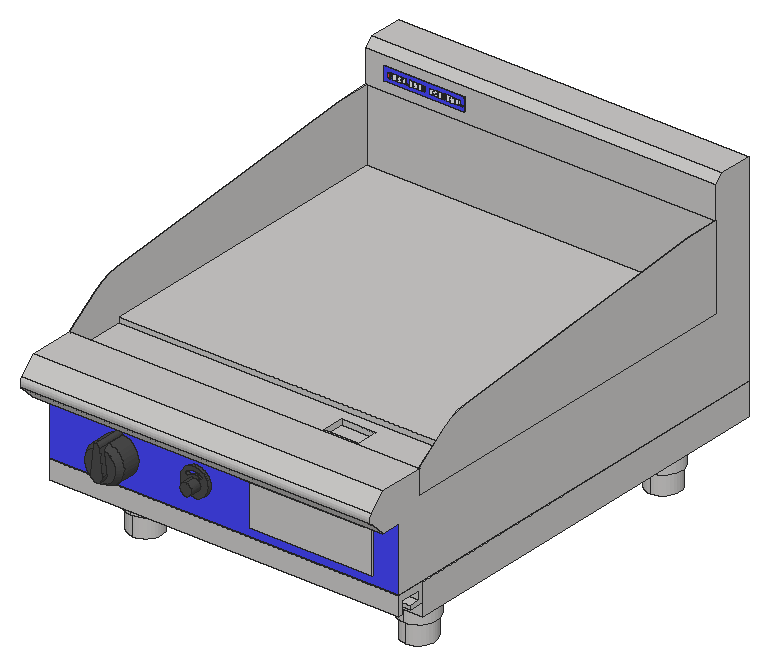
Revit family "QF_MOFFAT_BLUESEAL_CE_GP514-B", category Specialty Equipment, Revit 2012
Parameters
  Width = 600 mm
  Weight in Pounds = 238  # constant formula
  URL Cutsheet = "www.moffat.com"
  URL = "www.moffat.com"
  Type Mark [instance] = ""
  Status [instance] = ""
  Specification by User [instance] = ""
  Specification by Manufacturer = ""
  Show Logo [instance] = yes
  Serial Number = ""
  Seismic Rating = ""
  SMACNA No = ""
  Revision Code [instance] = ""
  Omniclass Number and Title = ""
  NAFEM Spec ID Number = ""
  Model = "GP514-B"
  Mechanical Remarks = ""
  Mechanical Connection Type = ""
  Masterspec = ""
  Manufacturer = "MOFFAT BLUESEAL"
  Keynote = ""
  Item Number [instance] = ""
  Installed By [instance] = ""
  Identify Quantity as Lot [instance] = yes
  Gas Size = 3/4"
  Gas RI Height [instance] = 0 mm
  Gas KW = 14.9
  Gas Input = 50234.0 Btu/h
  Gas Connection Height = 0 mm
  Furnished By [instance] = ""
  Foodservice Equipment Identifier [instance] = yes
  Description = "600MM GAS GRIDDLE PLATE BENCH MOUNT"
  Depth = 812 mm
  CSI MasterFormat = ""
  CSI Master Format = ""
  Base Height [instance] = 85 mm  # constant formula
Reference planes
  plane 1 "BACK": y = 0
  plane 2: z = 0
  plane 3 "LEFT": x = 0
  plane 4 "RIGHT": x = 600
  plane 5 "FRONT": y = -812
  plane 6 "TOP": z = 370
  plane 7 "Center Y": x = 300
  plane 8 "Center X": y = -406
  plane 9 "Base Height": z = 85
  plane 10: z = 110
  plane 11: y = -31
  plane 12: z = 485
  plane 13: y = -100
  plane 14: y = -625
  plane 15: x = 65.5
Forms (mm)
  Extrusion 1, solid, material "QF_Finishes_Stainless Steel"
    sketch origin (0, 0, 0) x (0, 1, 0) y (0, 0, 1)
      loop
        line (-749, 250) -> (-749, 140) -> (0, 140) -> (0, 485) -> (-57.5, 485) -> (-70, 472.5) -> (-70, 275) -> (-705, 275) -> (-705, 315) -> (-783.97, 315) -> (-808.485, 290.485)
        arc (-808.485, 290.485) -> (-811.999, 282) -> (-808.485, 273.515) r 12
        line (-808.485, 273.515) -> (-784.97, 250) -> (-749, 250)
      loop
        line (0, 85) -> (0, 139.206) -> (-699, 139.206) -> (-699, 85) -> (0, 85)
      loop
        line (-749, 139.206) -> (-749, 107.019) -> (-742.6, 107.019) -> (-742.6, 127.806) -> (-706.181, 127.806) -> (-706.181, 113.419) -> (-724.781, 113.419) -> (-724.781, 107.019) -> (-699.806, 107.019) -> (-699.806, 139.206) -> (-749, 139.206)
    from 0 to 600
  Revolve 2, solid, material "QF_Finishes_Stainless Steel"
    sketch origin (65.5, -728, 0) x (0, 1, 0) y (0, 0, 1)
      loop
        line (71.25, 85) -> (71.25, 35) -> (75.5, 35) -> (75.5, 0) -> (103, 0) -> (103, 85) -> (71.25, 85)
      axis (103, 85) -> (103, 0)
    angle from 0 to 360
  Revolve 3, solid, material "QF_Finishes_Stainless Steel"
    sketch origin (65.5, -211, 0) x (0, 1, 0) y (0, 0, 1)
      loop
        line (79.25, 85) -> (79.25, 35) -> (83.5, 35) -> (83.5, 0) -> (111, 0) -> (111, 85) -> (79.25, 85)
      axis (111, 85) -> (111, 0)
    angle from 0 to 360
  Revolve 4, solid, material "QF_Finishes_Black"
    sketch origin (127.768, 0, 22.808) x (0, -1, 0) y (0, 0, -1)
      loop
        line (789, -204.605) -> (800, -198.757) -> (800, -172.105) -> (749, -172.105) -> (749, -177.105) -> (759, -177.105) -> (759, -204.605) -> (789, -204.605)
      axis (800, -172.105) -> (749, -172.105)
    angle from 0 to 360
  Extrusion 5, solid, material "QF_Finishes_Black"
    sketch origin (118.701, 0, -79.102) x (-1, 0, 0) y (0, 0, -1)
      loop
        line (-19.488, -263.597) -> (-14.068, -306.515)
        arc (-14.068, -306.515) -> (-9.069, -311.402) -> (-4.07, -306.515) r 5
        line (-4.07, -306.515) -> (1.418, -262.43)
        arc (1.418, -262.43) -> (-9.653, -251.931) -> (-19.488, -263.597) r 10.487
    from 759 to 808
  Extrusion 6, solid, material "QF_Finishes_Stainless Steel"
    sketch origin (0, 0, 85) x (-1, 0, 0) y (0, 1, 0)
      loop
        circle (-470, -32) r 9.525
    from 0 to 15
  Revolve 7, solid, material "QF_Finishes_Stainless Steel"
    sketch origin (534.5, -728, 0) x (0, 1, 0) y (0, 0, -1)
      loop
        line (71.25, -85) -> (103, -85) -> (103, 0) -> (75.5, 0) -> (75.5, -35) -> (71.25, -35) -> (71.25, -85)
      axis (103, -85) -> (103, 0)
    angle from 0 to 360
  Revolve 8, solid, material "QF_Finishes_Stainless Steel"
    sketch origin (534.5, -211, 0) x (0, 1, 0) y (0, 0, -1)
      loop
        line (79.25, -85) -> (111, -85) -> (111, 0) -> (83.5, 0) -> (83.5, -35) -> (79.25, -35) -> (79.25, -85)
      axis (111, -85) -> (111, 0)
    angle from 0 to 360
  Extrusion 9, solid, material "QF_Finishes_Black"
    sketch origin (-57.5, -749, 264.021) x (0, 0, -1) y (1, 0, 0)
      loop
        circle (70, 310) r 24
      loop
        arc (60.1, 324.896) -> (52.078, 310.125) -> (59.882, 295.237) r 17.853
        arc (59.882, 295.237) -> (60.368, 294.997) -> (60.877, 295.182) r 0.689
        arc (60.877, 295.182) -> (62.232, 297.533) -> (62.658, 300.213) r 7.474
        arc (62.658, 300.213) -> (62.48, 301.239) -> (62.006, 302.166) r 3.462
        arc (62.006, 302.166) -> (59.591, 309.854) -> (61.844, 317.591) r 13.91
        arc (61.844, 317.591) -> (62.579, 319.157) -> (62.749, 320.878) r 5.108
        arc (62.749, 320.878) -> (62.234, 322.956) -> (61.084, 324.76) r 6.626
        arc (61.084, 324.76) -> (60.611, 324.967) -> (60.1, 324.896) r 0.947
    from 0 to 5
  Extrusion 10, solid, material "QF_Finishes_Black"
    sketch origin (-57.5, -754, 264.021) x (0, 0, -1) y (1, 0, 0)
      loop
        circle (73.5, 310) r 10.124
    from 0 to 18.251
  Extrusion 11, solid, material "QF_Finishes_Stainless Steel"
    sketch origin (450, -749, 267.771) x (0, 0, -1) y (1, 0, 0)
      loop
        line (26.5, -105) -> (113.5, -105) -> (113.5, 105) -> (26.5, 105) -> (26.5, -105)
    from 0 to 2.5
  Extrusion 12, solid, material "QF_Finishes_Stainless Steel"
    sketch origin (450, 0, -598.229) x (0, -1, 0) y (0, 0, 1)
      loop
        line (751.5, 839.5) -> (751.5, 837) -> (769.695, 837) -> (769.695, 839.5) -> (751.5, 839.5)
    from -105 to 105
Cuts and joins
  joined: Revolve 4, Extrusion 5
Lines and regions (mm)
  Split face 1
    outline origin (0, -56.5, 485) x (0, 1, 0) y (-1, 0, 0)
      loop
        arc (11.115, -264.794) -> (16.115, -273.455) -> (26.115, -273.455) r 10
        line (26.115, -273.455) -> (33.115, -269.413)
        arc (33.115, -269.413) -> (36.775, -265.753) -> (38.115, -260.753) r 10
        line (38.115, -260.753) -> (38.115, -32.794)
        arc (38.115, -32.794) -> (33.115, -24.134) -> (23.115, -24.134) r 10
        line (23.115, -24.134) -> (16.115, -28.176)
        arc (16.115, -28.176) -> (12.455, -31.836) -> (11.115, -36.836) r 10
        line (11.115, -36.836) -> (11.115, -264.794)
  Split face 2
    outline origin (0, -56.5, 485) x (0, 1, 0) y (-1, 0, 0)
      loop
        arc (11.115, -564.794) -> (16.115, -573.455) -> (26.115, -573.455) r 10
        line (26.115, -573.455) -> (33.115, -569.413)
        arc (33.115, -569.413) -> (36.775, -565.753) -> (38.115, -560.753) r 10
        line (38.115, -560.753) -> (38.115, -332.794)
        arc (38.115, -332.794) -> (33.115, -324.134) -> (23.115, -324.134) r 10
        line (23.115, -324.134) -> (16.115, -328.176)
        arc (16.115, -328.176) -> (12.455, -331.836) -> (11.115, -336.836) r 10
        line (11.115, -336.836) -> (11.115, -564.794)
  symbolic lines
    curve 1: line (0, 0, 0) -> (0, -812, 0)
    curve 2: line (600, 0, 0) -> (0, 0, 0)
    curve 3: line (600, -812, 0) -> (600, 0, 0)
    curve 4: line (0, -70, 0) -> (600, -70, 0)
    curve 5: line (0, -812, 0) -> (600, -812, 0)
    curve 6: line (600, -705, 0) -> (0, -705, 0)
    curve 7: line (0, -783.97, 0) -> (600, -783.97, 0)
    curve 8: line (0, -57.5, 0) -> (600, -57.5, 0)
    curve 9: line (2, -705, 0) -> (2, -70, 0)
    curve 10: line (598, -70, 0) -> (598, -705, 0)
    curve 11: line (260.753, -18.385, 0) -> (32.794, -18.385, 0)
    curve 12: arc (32.794, -18.385, 0) -> (24.134, -23.385, 0) -> (24.134, -33.385, 0) r 10
    curve 13: line (24.134, -33.385, 0) -> (28.176, -40.385, 0)
    curve 14: arc (28.176, -40.385, 0) -> (31.836, -44.045, 0) -> (36.836, -45.385, 0) r 10
    curve 15: line (36.836, -45.385, 0) -> (264.794, -45.385, 0)
    curve 16: arc (264.794, -45.385, 0) -> (273.455, -40.385, 0) -> (273.455, -30.385, 0) r 10
    curve 17: line (273.455, -30.385, 0) -> (269.413, -23.385, 0)
    curve 18: arc (269.413, -23.385, 0) -> (265.753, -19.725, 0) -> (260.753, -18.385, 0) r 10
    curve 19: line (332.794, -18.385, 0) -> (560.753, -18.385, 0)
    curve 20: arc (560.753, -18.385, 0) -> (565.753, -19.725, 0) -> (569.413, -23.385, 0) r 10
    curve 21: line (569.413, -23.385, 0) -> (573.455, -30.385, 0)
    curve 22: arc (573.455, -30.385, 0) -> (573.455, -40.385, 0) -> (564.794, -45.385, 0) r 10
    curve 23: line (564.794, -45.385, 0) -> (336.836, -45.385, 0)
    curve 24: arc (336.836, -45.385, 0) -> (331.836, -44.045, 0) -> (328.176, -40.385, 0) r 10
    curve 25: line (328.176, -40.385, 0) -> (324.134, -33.385, 0)
    curve 26: arc (324.134, -33.385, 0) -> (324.134, -23.385, 0) -> (332.794, -18.385, 0) r 10
Dimensions and locks
  equal spacing: plane 3 "LEFT", plane 7 "Center Y", plane 4 "RIGHT"
  "Width": plane 3 "LEFT" to plane 4 "RIGHT"
  equal spacing: plane 5 "FRONT", plane 8 "Center X", plane 1 "BACK"
  "Depth": plane 5 "FRONT" to plane 1 "BACK"
  equal spacing: plane 4 "RIGHT", plane 7 "Center Y", plane 3 "LEFT"
  plane 4 "RIGHT" to plane 3 "LEFT" = 600 mm
  plane 5 "FRONT" to plane 1 "BACK" = 812 mm
  "Base Height": plane 9 "Base Height" to level
  Revolve 4 sketch curve to Revolve 4 sketch curve to Revolve 4 sketch curve to Revolve 4 sketch curve = 5.849 mm locked, 21.651 mm locked, 5 mm locked
  plane 10 to level = 110 mm
  plane 11 to plane 1 "BACK" = 31 mm
  locked: plane 12 to plane 9 "Base Height" at 400
  plane 14 to plane 13 = 525 mm
  Extrusion 6 sketch curve to plane 4 "RIGHT" = 130 mm
  aligned and locked: level to plane 2
  aligned and locked: curve 3 to plane 4 "RIGHT"
  aligned and locked: Revolve 4 sketch curve to Extrusion 1
  aligned and locked: Extrusion 1 sketch curve to plane 12
Automatic sketch dimensions
  Extrusion 1 sketch curve to plane 9 "Base Height" = 0 mm
  Extrusion 1 sketch curve to plane 1 "BACK" = 0 mm  (x2)
  Extrusion 1 sketch curve to plane 11 = 26.5 mm
  Extrusion 1 sketch curve to Extrusion 1 sketch curve = 12.5 mm
  plane 10 to Extrusion 1 sketch curve = 29.206 mm
  Extrusion 1 sketch curve to plane 14 = 74 mm
  Extrusion 1 sketch curve to plane 10 = 2.981 mm  (x2)
  Extrusion 1 sketch curve to Extrusion 1 sketch curve = 0.806 mm
  Extrusion 1 sketch curve to plane 14 = 80 mm
  Extrusion 1 sketch curve to Extrusion 1 sketch curve = 6.376 mm
  Extrusion 1 sketch curve to Extrusion 1 sketch curve = 18.6 mm
  Extrusion 1 sketch curve to Extrusion 1 sketch curve = 17.819 mm
  Extrusion 1 sketch curve to Extrusion 1 sketch curve = 6.4 mm
  Extrusion 1 sketch curve to Extrusion 1 sketch curve = 0 mm  (x2)
  Extrusion 1 sketch curve to plane 5 "FRONT" = 28.03 mm
  Extrusion 1 sketch curve to plane 5 "FRONT" = 27.03 mm
  Extrusion 1 sketch curve to plane 5 "FRONT" = 12.001 mm
  Extrusion 1 sketch curve to plane 5 "FRONT" = 3.515 mm  (x2)
  plane 10 to Extrusion 1 sketch curve = 3.419 mm
  plane 10 to Extrusion 1 sketch curve = 17.806 mm
  Extrusion 1 sketch curve to Extrusion 1 sketch curve = 0.794 mm
  Extrusion 1 sketch curve to Extrusion 1 sketch curve = 110 mm
  Extrusion 1 sketch curve to Extrusion 1 sketch curve = 23.515 mm
  Extrusion 1 sketch curve to plane 6 "TOP" = 95 mm
  Extrusion 1 sketch curve to Extrusion 1 sketch curve = 8.485 mm
  Extrusion 1 sketch curve to Extrusion 1 sketch curve = 24.515 mm
  Extrusion 1 sketch curve to plane 12 = 12.5 mm
  Revolve 2 sketch curve to plane 9 "Base Height" = 0 mm
  Revolve 2 sketch curve to level = 0 mm
  Revolve 2 sketch curve to plane 14 = 0 mm  (x2)
  Revolve 2 sketch curve to Revolve 2 sketch curve = 27.5 mm
  Revolve 2 sketch curve to Revolve 2 sketch curve = 31.75 mm
  Revolve 2 sketch curve to Revolve 2 sketch curve = 55 mm
  level to Revolve 2 sketch curve = 35 mm
  Revolve 2 sketch curve to Revolve 2 sketch curve = 30 mm
  Revolve 3 sketch curve to plane 9 "Base Height" = 0 mm
  Revolve 3 sketch curve to level = 0 mm
  Revolve 3 sketch curve to plane 13 = 0 mm  (x2)
  Revolve 3 sketch curve to Revolve 3 sketch curve = 27.5 mm
  Revolve 3 sketch curve to Revolve 3 sketch curve = 31.75 mm
  Revolve 3 sketch curve to Revolve 3 sketch curve = 55 mm
  level to Revolve 3 sketch curve = 35 mm
  Revolve 3 sketch curve to Revolve 3 sketch curve = 30 mm
  Revolve 4 sketch curve to Revolve 4 sketch curve = 10 mm
  Revolve 4 sketch curve to Revolve 4 sketch curve = 21.3 mm
  Revolve 4 sketch curve to plane 5 "FRONT" = 23 mm
  Revolve 4 sketch curve to plane 5 "FRONT" = 12 mm
  Revolve 4 sketch curve to Revolve 4 sketch curve = 0 mm  (x2)
  plane 10 to Revolve 4 sketch curve = 117.413 mm
  Extrusion 5 sketch curve to plane 7 "Center Y" = 161.81 mm
  Extrusion 5 sketch curve to plane 7 "Center Y" = 167.231 mm
  Extrusion 5 sketch curve to Extrusion 5 sketch curve = 4.999 mm  (x2)
  plane 10 to Extrusion 5 sketch curve = 117.413 mm
  Extrusion 5 sketch curve to Extrusion 5 sketch curve = 0.113 mm
  Extrusion 5 sketch curve to Extrusion 5 sketch curve = 42.919 mm
  Extrusion 5 sketch curve to Extrusion 5 sketch curve = 1.167 mm
  Extrusion 1 to Extrusion 6 sketch curve = 32 mm
  Revolve 7 sketch curve to plane 9 "Base Height" = 0 mm
  Revolve 7 sketch curve to level = 0 mm
  Revolve 7 sketch curve to plane 14 = 0 mm  (x2)
  Revolve 7 sketch curve to Revolve 7 sketch curve = 27.5 mm
  Revolve 7 sketch curve to Revolve 7 sketch curve = 31.75 mm
  Revolve 7 sketch curve to Revolve 7 sketch curve = 30 mm
  Revolve 7 sketch curve to Revolve 7 sketch curve = 20 mm
  Revolve 7 sketch curve to level = 55 mm
  Revolve 8 sketch curve to plane 9 "Base Height" = 0 mm
  Revolve 8 sketch curve to level = 0 mm
  Revolve 8 sketch curve to plane 13 = 0 mm  (x2)
  Revolve 8 sketch curve to Revolve 8 sketch curve = 27.5 mm
  Revolve 8 sketch curve to Revolve 8 sketch curve = 31.75 mm
  Revolve 8 sketch curve to Revolve 8 sketch curve = 30 mm
  Revolve 8 sketch curve to Revolve 8 sketch curve = 20 mm
  Revolve 8 sketch curve to level = 55 mm
  Extrusion 5 sketch curve to Extrusion 5 sketch curve = 10.419 mm
  Extrusion 5 sketch curve to Extrusion 5 sketch curve = 10.487 mm
  plane 1 "BACK" to curve 1 = 0 mm
  curve 1 to plane 3 "LEFT" = 0 mm
  plane 5 "FRONT" to curve 1 = 0 mm
  plane 3 "LEFT" to curve 9 = 2 mm
  plane 4 "RIGHT" to curve 10 = 2 mm
  curve 7 to plane 5 "FRONT" = 28.03 mm
  curve 7 to curve 6 = 78.97 mm
  plane 13 to curve 9 = 30 mm
  curve 4 to curve 8 = 12.5 mm
  Extrusion 9 sketch curve to plane 7 "Center Y" = 47.5 mm  (x2)
  Extrusion 9 sketch curve to plane 7 "Center Y" = 57.473 mm
  Extrusion 9 sketch curve to plane 12 = 276.166 mm
  Extrusion 9 sketch curve to plane 7 "Center Y" = 37.157 mm
  Extrusion 9 sketch curve to Extrusion 9 sketch curve = 0.958 mm
  Extrusion 9 sketch curve to Extrusion 9 sketch curve = 1.509 mm
  Extrusion 9 sketch curve to Extrusion 9 sketch curve = 4.01 mm
  Extrusion 9 sketch curve to Extrusion 9 sketch curve = 0.685 mm
  Extrusion 9 sketch curve to Extrusion 9 sketch curve = 2.447 mm
  Extrusion 9 sketch curve to Extrusion 9 sketch curve = 0.524 mm
  Extrusion 9 sketch curve to Extrusion 9 sketch curve = 0.381 mm
  Extrusion 9 sketch curve to Extrusion 9 sketch curve = 0.472 mm
  Extrusion 9 sketch curve to Extrusion 9 sketch curve = 0 mm  (x4)
  Extrusion 9 sketch curve to Extrusion 9 sketch curve = 0.602 mm
  Extrusion 9 sketch curve to Extrusion 9 sketch curve = 4.19 mm
  Extrusion 9 sketch curve to Extrusion 9 sketch curve = 2.809 mm
  Extrusion 9 sketch curve to Extrusion 9 sketch curve = 0.652 mm
  Extrusion 9 sketch curve to Extrusion 9 sketch curve = 0.905 mm
  Extrusion 9 sketch curve to plane 7 "Center Y" = 47.507 mm
  Extrusion 9 sketch curve to Extrusion 9 sketch curve = 8.087 mm
  Extrusion 9 sketch curve to Extrusion 9 sketch curve = 0.069 mm
  Extrusion 9 sketch curve to Extrusion 9 sketch curve = 3.5 mm
  plane 4 "RIGHT" to Extrusion 11 sketch curve = 45 mm
  Extrusion 11 sketch curve to plane 12 = 243.729 mm
  Extrusion 11 sketch curve to Extrusion 11 sketch curve = 87 mm
  plane 7 "Center Y" to Extrusion 11 sketch curve = 45 mm
  Extrusion 12 sketch curve to plane 5 "FRONT" = 60.5 mm
  Extrusion 12 sketch curve to Extrusion 12 sketch curve = 18.195 mm
  Extrusion 12 sketch curve to plane 12 = 246.229 mm
  Extrusion 12 sketch curve to Extrusion 12 sketch curve = 2.5 mm
  Split face 1 sketch curve to Extrusion 1 = 12.115 mm
  Split face 1 sketch curve to Split face 1 sketch curve = 5 mm  (x3)
  Split face 1 sketch curve to Split face 1 sketch curve = 10 mm  (x2)
  Split face 1 sketch curve to Split face 1 sketch curve = 7 mm  (x4)
  Split face 1 sketch curve to Extrusion 1 = 326.545 mm
  Split face 1 sketch curve to Split face 1 sketch curve = 4.041 mm  (x2)
  Split face 1 sketch curve to Extrusion 1 = 563.164 mm
  Split face 2 sketch curve to Extrusion 1 = 12.115 mm
  Split face 2 sketch curve to Split face 2 sketch curve = 5 mm  (x3)
  Split face 2 sketch curve to Split face 2 sketch curve = 10 mm  (x2)
  Split face 2 sketch curve to Split face 2 sketch curve = 7 mm  (x4)
  Split face 2 sketch curve to Extrusion 1 = 26.545 mm
  Split face 2 sketch curve to Split face 2 sketch curve = 4.041 mm  (x2)
  Split face 2 sketch curve to Split face 2 sketch curve = 223.917 mm
  curve 13 to plane 11 = 2.385 mm
  plane 3 "LEFT" to curve 13 = 24.134 mm
  curve 13 to curve 14 = 4.041 mm
  plane 11 to curve 12 = 2.615 mm
  curve 12 to curve 12 = 8.66 mm
  curve 14 to plane 11 = 4.385 mm
  curve 12 to curve 14 = 4.041 mm
  curve 11 to plane 7 "Center Y" = 39.247 mm
  curve 18 to curve 16 = 4.041 mm
  plane 11 to curve 18 = 7.615 mm
  curve 18 to curve 18 = 8.66 mm
  plane 11 to curve 17 = 0.615 mm
  curve 18 to curve 17 = 4.041 mm
  curve 16 to plane 11 = 14.385 mm
  curve 25 to plane 11 = 2.385 mm
  plane 7 "Center Y" to curve 25 = 24.134 mm
  curve 25 to plane 11 = 9.385 mm
  curve 25 to curve 25 = 4.041 mm
  plane 11 to curve 26 = 2.615 mm
  curve 26 to curve 26 = 8.66 mm
  curve 26 to curve 24 = 4.041 mm
  plane 4 "RIGHT" to curve 20 = 39.247 mm
  curve 22 to plane 11 = 4.385 mm
  curve 20 to curve 22 = 4.041 mm  (x2)
  plane 11 to curve 21 = 7.615 mm
  curve 19 to curve 21 = 8.66 mm
  plane 11 to curve 22 = 0.615 mm
  radius of Extrusion 6 sketch curve = 9.525 mm
  radius of Extrusion 9 sketch curve = 24 mm
  radius of Extrusion 10 sketch curve to Extrusion 9 = 3.786 mm
Nested families
  nested 1: "WALDORF LOGO_FACE BASE" at (32, -70, 457.385) x (1, 0, 0) z (0, -1, 0), visible <- "Show Logo", type "WALDORF LOGO_FACE BASE", detail levels medium+fine
    with Show Logo yes
  nested 2: "GAS GRIDDLE 600" at (0, -70, 274.5), type "GAS GRIDDLE 600"
    with Width 600 mm, Type Mark "", Status "", Specification by User "", Show Clearance yes, Revision Code "", Number of Poles 1, Mechanical Remarks "", Mechanical Connection Type "", Item Number "", Installed By "", Identify Quantity as Lot yes, Gas RI Height 0 mm, Gas KW 0, Gas Input 0.0 Btu/h, Furnished By "", Foodservice Equipment Identifier yes, Electrical Remarks "", Electric Connection Type "", Elec Conn RI Height 0 mm, Elec Conn Connection Height 0 mm, Depth 635 mm
Connectors
  piping at (470, -32, 70)
    settings: on Extrusion 6, index 1, connector radius 0.37402", flow factor 0, pipe flow 0 GPM, pressure drop 0.00 psi, fitting loss kfactor 0, connector angle 0.00°, fixture units 0, engagement length 0 mm, flow configuration 1, flow direction 1, fitting loss method 0, system type 7, joint type 0, gender type 0, connector reference index -1, connector utility 0, adjustable connector no, is connector primary yes, fitting loss table "", connector description "GAS CONNECTION"
Definition of nested family "WALDORF LOGO_FACE BASE"
  Parameters (values of type "WALDORF LOGO_FACE BASE")
    Show Logo [instance] = yes
    Default Elevation = 1219.2 mm
  Reference planes
    plane 1 "Center (Front/Back)": y = 0
    plane 2: z = 0
    plane 3 "Center (Left/Right)": x = 0
  Forms (mm)
    Extrusion 1, solid
      sketch origin (0, 0, 0) x (1, 0, 0) y (0, 1, 0)
        loop
          line (-1219.2, 1219.2) -> (-1219.2, -1219.2) -> (1219.2, -1219.2) -> (1219.2, 1219.2) -> (-1219.2, 1219.2)
      from 0 to -304.8
    Extrusion 2, solid, material "QF_Finishes_Blue", visible <- "Show Logo"
      sketch origin (0, -33.217, 0) x (1, 0, 0) y (0, 1, 0)
        loop
          arc (138, 31.942) -> (137.626, 32.844) -> (136.724, 33.217) r 1.276
          line (136.724, 33.217) -> (1.29, 33.217)
          arc (1.29, 33.217) -> (0.378, 32.839) -> (0, 31.927) r 1.29
          line (0, 31.927) -> (0, 11.507)
          arc (0, 11.507) -> (0.378, 10.595) -> (1.29, 10.217) r 1.29
          line (1.29, 10.217) -> (136.71, 10.217)
          arc (136.71, 10.217) -> (137.622, 10.595) -> (138, 11.507) r 1.29
          line (138, 11.507) -> (138, 31.942)
      from 0 to 1.588
    Extrusion 3, solid, material "QF_Finishes_White", visible <- "Show Logo"
      sketch origin (0, -33.217, 1.588) x (1, 0, 0) y (0, 1, 0)
        loop
          arc (108.946, 25.919) -> (107.613, 25.367) -> (107.061, 24.034) r 1.885
          line (107.061, 24.034) -> (107.061, 17.211) -> (112.704, 17.211) -> (112.704, 19.129) -> (115.546, 19.129) -> (115.546, 17.211) -> (121.584, 17.211) -> (121.584, 24.075)
          arc (121.584, 24.075) -> (121.043, 25.379) -> (119.739, 25.919) r 1.845
          line (119.739, 25.919) -> (108.946, 25.919)
        loop
          line (123.478, 25.919) -> (123.478, 17.163) -> (134.904, 17.163) -> (134.904, 19.129) -> (129.246, 19.129) -> (129.246, 25.919) -> (123.478, 25.919)
        loop
          line (112.704, 21.258) -> (115.546, 21.258) -> (115.546, 22.702)
          arc (115.546, 22.702) -> (115.344, 23.188) -> (114.858, 23.389) r 0.687
          line (114.858, 23.389) -> (113.363, 23.389)
          arc (113.363, 23.389) -> (112.897, 23.196) -> (112.704, 22.73) r 0.658
          line (112.704, 22.73) -> (112.704, 21.258)
        loop
          line (105.071, 25.919) -> (93.771, 25.919) -> (93.771, 17.163) -> (105.071, 17.163) -> (105.071, 19.063) -> (99.535, 19.063) -> (99.535, 20.437) -> (105.071, 20.437) -> (105.071, 22.278) -> (99.535, 22.278) -> (99.535, 23.587) -> (105.071, 23.587) -> (105.071, 25.919)
        loop
          line (91.104, 25.919) -> (79.541, 25.919)
          arc (79.541, 25.919) -> (78.558, 25.513) -> (78.152, 24.53) r 1.389
          line (78.152, 24.53) -> (78.152, 22.08)
          arc (78.152, 22.08) -> (78.558, 21.098) -> (79.541, 20.691) r 1.389
          line (79.541, 20.691) -> (86.346, 20.691) -> (86.346, 18.864) -> (83.266, 18.864) -> (83.266, 19.664) -> (78.152, 19.664) -> (78.152, 18.553)
          arc (78.152, 18.553) -> (78.558, 17.57) -> (79.541, 17.163) r 1.389
          line (79.541, 17.163) -> (91.063, 17.163)
          arc (91.063, 17.163) -> (92.045, 17.57) -> (92.452, 18.553) r 1.389
          line (92.452, 18.553) -> (92.452, 20.691)
          arc (92.452, 20.691) -> (92.045, 21.673) -> (91.063, 22.08) r 1.389
          line (91.063, 22.08) -> (83.266, 22.08) -> (83.266, 23.984) -> (86.346, 23.984) -> (86.346, 22.743) -> (92.452, 22.743) -> (92.452, 24.571)
          arc (92.452, 24.571) -> (92.057, 25.524) -> (91.104, 25.919) r 1.348
        loop
          line (70.705, 25.919) -> (59.405, 25.919) -> (59.405, 17.163) -> (70.705, 17.163) -> (70.705, 19.063) -> (65.169, 19.063) -> (65.169, 20.437) -> (70.705, 20.437) -> (70.705, 22.278) -> (65.169, 22.278) -> (65.169, 23.587) -> (70.705, 23.587) -> (70.705, 25.919)
        loop
          line (57.598, 25.919) -> (51.7, 25.919) -> (51.7, 20.18)
          arc (51.7, 20.18) -> (50.63, 19.11) -> (49.56, 20.18) r 1.07
          line (49.56, 20.18) -> (49.56, 25.919) -> (43.663, 25.919) -> (43.663, 19.049)
          arc (43.663, 19.049) -> (44.215, 17.716) -> (45.548, 17.163) r 1.885
          line (45.548, 17.163) -> (55.71, 17.163)
          arc (55.71, 17.163) -> (57.045, 17.716) -> (57.598, 19.051) r 1.887
          line (57.598, 19.051) -> (57.598, 25.919)
        loop
          line (31.62, 25.919) -> (31.62, 17.163) -> (43.046, 17.163) -> (43.046, 19.129) -> (37.388, 19.129) -> (37.388, 25.919) -> (31.62, 25.919)
        loop
          line (15.969, 25.919) -> (15.969, 17.163) -> (28.693, 17.163)
          arc (28.693, 17.163) -> (29.812, 17.627) -> (30.276, 18.746) r 1.582
          line (30.276, 18.746) -> (30.276, 20.447) -> (29.48, 21.243) -> (30.276, 22.039) -> (30.276, 24.332)
          arc (30.276, 24.332) -> (29.811, 25.454) -> (28.688, 25.919) r 1.587
          line (28.688, 25.919) -> (15.969, 25.919)
        loop
          line (21.449, 24.159) -> (21.449, 22.436) -> (23.862, 22.436)
          arc (23.862, 22.436) -> (24.723, 23.298) -> (23.862, 24.159) r 0.861
          line (23.862, 24.159) -> (21.449, 24.159)
        loop
          line (21.449, 20.244) -> (21.449, 18.522) -> (23.862, 18.522)
          arc (23.862, 18.522) -> (24.723, 19.383) -> (23.862, 20.244) r 0.861
          line (23.862, 20.244) -> (21.449, 20.244)
      from 0 to 0.2
    Extrusion 4, solid, material "QF_Finishes_Blue", visible <- "Show Logo"
      sketch origin (-126.498, -31.09, 1.588) x (1, 0, 0) y (0, 1, 0)
        loop
          line (136.738, 23.522) -> (136.738, 15.1)
          arc (136.738, 15.1) -> (140.756, 19.311) -> (136.738, 23.522) r 4.216
      from 0 to 0.2
    Extrusion 5, solid, material "QF_Finishes_Red", visible <- "Show Logo"
      sketch origin (146.849, -31.09, 1.588) x (-1, 0, 0) y (0, -1, 0)
        loop
          arc (136.738, -23.522) -> (140.756, -19.311) -> (136.738, -15.1) r 4.216
          line (136.738, -15.1) -> (136.738, -23.522)
      from 0 to 0.2
  Lines and regions (mm)
    Split face 1
      outline origin (-90.35, -30.793, 1.588) x (1, 0, 0) y (0, 1, 0)
        loop
          circle (100.54, 19.013) r 4.536
  Dimensions and locks
    aligned and locked: plane 2 to Extrusion 1
    aligned and locked: level to Extrusion 1
Definition of nested family "GAS GRIDDLE 600"
  Parameters (values of type "GAS GRIDDLE 600")
    Width [instance] = 600 mm
    Weight in Pounds = 0
    Watts = 0 W
    Volts = 0 V
    URL Cutsheet = ""
    Type Mark [instance] = ""
    Status [instance] = ""
    Specification by User [instance] = ""
    Specification by Manufacturer = ""
    Show Clearance [instance] = yes
    Serial Number = ""
    Seismic Rating = ""
    SMACNA No = ""
    Revision Code [instance] = ""
    Phase = 1
    Omniclass Number and Title = ""
    Number of Poles [instance] = 1
    NAFEM Spec ID Number = ""
    Min Ckt Ampacity = 0 A
    Mechanical Remarks [instance] = ""
    Mechanical Connection Type [instance] = ""
    Max Overcurrent Protection = 0 A
    Masterspec = ""
    Item Number [instance] = ""
    Installed By [instance] = ""
    Identify Quantity as Lot [instance] = yes
    HP = ""
    Gas Size = 0"
    Gas RI Height [instance] = 0 mm
    Gas KW [instance] = 0
    Gas Input [instance] = 0.0 Btu/h
    Gas Connection Height = 0 mm
    Furnished By [instance] = ""
    Foodservice Equipment Identifier [instance] = yes
    FL Amps = 0 A
    Electrical Remarks [instance] = ""
    Electric Connection Type [instance] = ""
    Elec Conn RI Height [instance] = 0 mm
    Elec Conn Connection Height [instance] = 0 mm
    Depth [instance] = 635 mm
    Cycle = 0 Hz
    Conn Plug = ""
    Conn Conduit = yes
    CSI MasterFormat = ""
    CSI Master Format = ""
    Apparent Power = if(Phase = 3, Volts * FL Amps * 1.73, Volts * FL Amps)  # 0 VA
  Reference planes
    plane 1 "BACK": y = 0
    plane 2: z = 0
    plane 3 "LEFT": x = 0
    plane 4 "RIGHT": x = 600
    plane 5 "FRONT": y = -635
    plane 6 "TOP": z = 142.5
    plane 7 "Center Y": x = 300
    plane 8 "Center X": y = -317.5
    plane 9: y = -530.997
    plane 10: y = -541.497
    plane 11: y = -503.25
    plane 12: y = -557.737
  Forms (mm)
    Extrusion 1, solid, material "QF_Finishes_Stainless Steel"
      sketch origin (0, 70.003, -874.5) x (0, 1, 0) y (0, 0, 1)
        loop
          line (-70, 875) -> (-70, 1017) -> (-127.048, 1017) -> (-604.533, 971.023)
          arc (-604.533, 971.023) -> (-629.56, 965.303) -> (-652.306, 953.399) r 100
          line (-652.306, 953.399) -> (-705.003, 916.5) -> (-705.003, 875) -> (-70, 875)
      from 0 to 1.8
    Extrusion 2, solid, material "QF_Finishes_Stainless Steel"
      sketch origin (600, 70.003, -874.5) x (0, -1, 0) y (0, 0, 1)
        loop
          line (70, 875) -> (705.003, 875) -> (705.003, 916.5) -> (652.306, 953.399)
          arc (652.306, 953.399) -> (629.56, 965.303) -> (604.533, 971.023) r 100
          line (604.533, 971.023) -> (127.048, 1017) -> (70, 1017) -> (70, 875)
      from 0 to 1.2
    Extrusion 3, solid, material "QF_Finishes_Stainless Steel"
      sketch origin (150, 70.003, -874.5) x (0, 1, 0) y (0, 0, 1)
        loop
          line (-70.003, 894) -> (-602.103, 894) -> (-602.103, 884.5) -> (-683.795, 884.5) -> (-683.795, 895) -> (-705.003, 895) -> (-705.003, 875) -> (-70.003, 875) -> (-70.003, 894)
      from -148.2 to 448.8
    Extrusion 4, void
      sketch origin (150, -561.497, 10) x (0, -1, 0) y (1, 0, 0)
        loop
          line (-9.205, 249.25) -> (29.295, 249.25) -> (29.295, 309.25) -> (-9.205, 309.25) -> (-9.205, 249.25)
      from -41.4 to 40.142
    Extrusion 5, solid, material "QF_Finishes_Stainless Steel"
      sketch origin (0, 0, 0) x (1, 0, 0) y (0, 1, 0)
        loop
          line (1.8, 0) -> (1.8, -1.2) -> (598.8, -1.2) -> (598.8, 0) -> (1.8, 0)
      from 19.5 to 142.5
  Cuts and joins
    Extrusion 4 cuts Extrusion 3
    joined: Extrusion 1, Extrusion 2, Extrusion 3
  Lines and regions (mm)
    symbolic lines
      curve 1: line (600, -532.1, 0) -> (0, -532.1, 0)
      curve 2: line (0, -613.792, 0) -> (600, -613.792, 0)
      curve 3: line (0, 0, 0) -> (600, 0, 0)
      curve 4: line (600, 0, 0) -> (600, -635, 0)
      curve 5: line (0, -635, 0) -> (0, 0, 0)
      curve 6: line (0, -635, 0) -> (600, -635, 0)
      curve 7: line (399.25, -552.292, 0) -> (459.25, -552.292, 0)
      curve 8: line (399.25, -590.792, 0) -> (399.25, -552.292, 0)
      curve 9: line (459.25, -590.792, 0) -> (399.25, -590.792, 0)
      curve 10: line (459.25, -552.292, 0) -> (459.25, -590.792, 0)
  Dimensions and locks
    equal spacing: plane 3 "LEFT", plane 7 "Center Y", plane 4 "RIGHT"
    "Width": plane 3 "LEFT" to plane 4 "RIGHT"
    equal spacing: plane 5 "FRONT", plane 8 "Center X", plane 1 "BACK"
    "Depth": plane 5 "FRONT" to plane 1 "BACK"
    locked: Extrusion 2 to Extrusion 2 at 1.2
    aligned and locked: level to plane 2
    aligned and locked: Extrusion 2 to plane 4 "RIGHT"
    aligned and locked: cut or joined group of Extrusion 1, Extrusion 2, Extrusion 3, Extrusion 4 to cut or joined group of Extrusion 1, Extrusion 2, Extrusion 3, Extrusion 4
  Automatic sketch dimensions
    Extrusion 1 sketch curve to plane 5 "FRONT" = 0 mm
    Extrusion 1 sketch curve to plane 6 "TOP" = 0 mm
    plane 12 to Extrusion 1 sketch curve = 24.566 mm
    Extrusion 1 sketch curve to plane 12 = 23.207 mm
    Extrusion 1 sketch curve to level = 3.016 mm
    plane 11 to Extrusion 1 sketch curve = 21.695 mm
    plane 1 "BACK" to Extrusion 1 sketch curve = 57.045 mm
    Extrusion 1 sketch curve to plane 1 "BACK" = 0.003 mm
    level to Extrusion 1 sketch curve = 0.5 mm
    Extrusion 1 sketch curve to Extrusion 1 sketch curve = 41.5 mm
    Extrusion 1 sketch curve to plane 6 "TOP" = 63.601 mm
    Extrusion 2 sketch curve to plane 6 "TOP" = 0 mm
    Extrusion 2 sketch curve to plane 5 "FRONT" = 0 mm
    plane 12 to Extrusion 2 sketch curve = 24.566 mm
    Extrusion 2 sketch curve to plane 12 = 23.207 mm
    Extrusion 2 sketch curve to level = 3.016 mm
    plane 11 to Extrusion 2 sketch curve = 21.695 mm
    plane 1 "BACK" to Extrusion 2 sketch curve = 57.045 mm
    Extrusion 2 sketch curve to plane 1 "BACK" = 0.003 mm
    level to Extrusion 2 sketch curve = 0.5 mm
    Extrusion 2 sketch curve to Extrusion 2 sketch curve = 41.5 mm
    Extrusion 2 sketch curve to plane 6 "TOP" = 63.601 mm
    Extrusion 3 sketch curve to plane 5 "FRONT" = 0 mm
    Extrusion 3 sketch curve to plane 1 "BACK" = 0 mm
    level to Extrusion 3 sketch curve = 10 mm
    Extrusion 3 sketch curve to plane 5 "FRONT" = 21.208 mm
    plane 9 to Extrusion 3 sketch curve = 1.103 mm
    level to Extrusion 3 sketch curve = 0.5 mm
    Extrusion 3 sketch curve to Extrusion 3 sketch curve = 10.5 mm
    Extrusion 3 sketch curve to Extrusion 3 sketch curve = 9.5 mm
    Extrusion 4 sketch curve to plane 12 = 5.445 mm
    plane 12 to Extrusion 4 sketch curve = 33.055 mm
    plane 7 "Center Y" to Extrusion 4 sketch curve = 99.25 mm
    Extrusion 4 sketch curve to Extrusion 4 sketch curve = 60 mm
    plane 1 "BACK" to Extrusion 5 sketch curve = 0 mm
    plane 3 "LEFT" to Extrusion 5 sketch curve = 1.8 mm
    plane 4 "RIGHT" to Extrusion 5 sketch curve = 1.2 mm
    Extrusion 5 sketch curve to Extrusion 5 sketch curve = 1.2 mm
    curve 6 to plane 3 "LEFT" = 0 mm
    curve 4 to plane 4 "RIGHT" = 0 mm
    plane 5 "FRONT" to curve 6 = 0 mm
    plane 1 "BACK" to curve 3 = 0 mm
    curve 8 to plane 12 = 5.445 mm
    plane 7 "Center Y" to curve 8 = 99.25 mm
    curve 7 to curve 10 = 60 mm
    curve 2 to plane 5 "FRONT" = 21.208 mm
    plane 12 to curve 9 = 33.055 mm
    curve 1 to plane 12 = 25.637 mm
